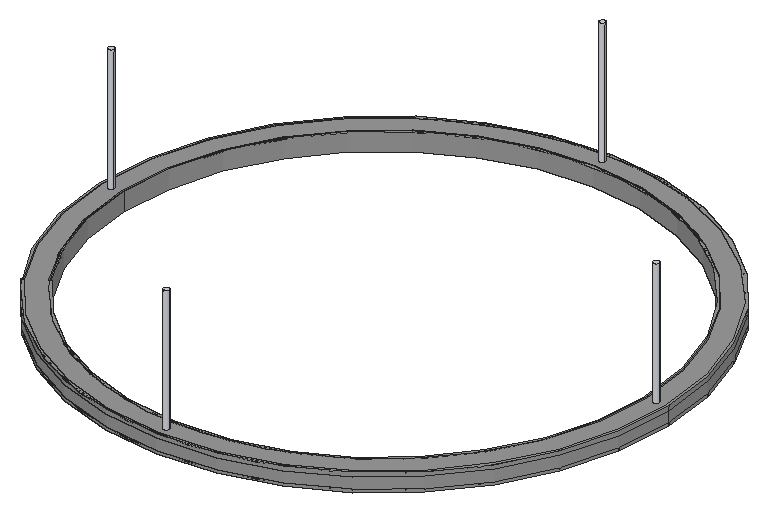
Revit family "MONALISA_1000MM_41_4000K", category Lighting Fixtures, host Ceiling, Revit 2021
Family settings
  Host = Ceiling
  Round Connector Dimension = Use Diameter
  Part Type = Normal
  OmniClass Number = 23.80.70.11
  OmniClass Title = Luminaries for Internal Lighting
  Always vertical = Yes
  Cut with Voids When Loaded = No
  Light Source = Yes
  Shared = No
  Room Calculation Point = No
Parameters (values of type "Type 1")
  Wattage = 37.6998 W
  built-in parameter 1150110 = 1 (stored number, unit not read)
  Type de lampe = "LED Samsung 2835 SMD"
  Type = "Suspension"
  built-in parameter 1114217 = 1 (stored number, unit not read)
  Tilt Angle = 90.00°
  built-in parameter 1150109 = 1 (stored number, unit not read)
  built-in parameter 1150134 = 12
  built-in parameter 1150113 = 1 (stored number, unit not read)
  SDCM = "<3"
  Puissance nominale = "70W"
  Photometric Web File = "google_eulumdat_converter (3).ies"
  Lumens = 5600 lm
  built-in parameter 1150115 = 1 (stored number, unit not read)
  built-in parameter 1150105 = 1897.3 (stored number, unit not read)
  built-in parameter 1150137 = (empty or 0)
  built-in parameter 1150139 = (empty or 0)
  built-in parameter 1150112 = 1 (stored number, unit not read)
  built-in parameter 1150114 = 1 (stored number, unit not read)
  built-in parameter 1150132 = 2
  built-in parameter 1150102 = (empty or 0)
  built-in parameter 1150138 = (empty or 0)
  built-in parameter 1150107 = 4000 (stored number, unit not read)
  built-in parameter 1150106 = 18.973 (stored number, unit not read)
  IRC = ">80"
  Fintion = "Gris aluminium  - Diffuseur acrylique"
  Emit from Circle Diameter = 609.6 mm
  Emit Shape Visible in Rendering = no
  built-in parameter 1150104 = 13.8 (stored number, unit not read)
  Durée de vie = "50 000 heures"
  Driver = "Driver Osram"
  Dimming Lamp Color Temperature Shift = <None>
  Dimensions = "ø 1000 mm, H : 32 mm"
  Default Elevation = 0 mm
  Color Filter = 16777215
  built-in parameter 1114218 = 1 (stored number, unit not read)
  built-in parameter 1150133 = 10 (stored number, unit not read)
  Angle d'éclairage = "120°"
  Alimentation luminaire = "1050mA x 2pcs / 30V"
  Alimentation Driver = "AC 220-240V"
Reference planes
  plane 1 "Light Source Axis (F/B)": y = 0
  plane 2: z = 0
  plane 3 "Light Source Axis (L/R)": x = 0
  plane 4 "Ceiling": z = 4000
  plane 5 "Light Source Elevation": z = 3762.902
Forms (mm)
  Extrusion 1, solid, material "Aluminum, Anodized grey"
    sketch origin (0, 0, 4000) x (0, 1, 0) y (-1, 0, 0)
      loop
        circle (0, 0) r 500
      loop
        circle (0, 0) r 458.333
      loop
        circle (0, 0) r 461.38
      loop
        circle (0, 0) r 496.344
    from -250 to -218
  Extrusion 2, solid, material "Aluminum, Anodized grey"
    sketch origin (0, 0, 4000) x (0, 1, 0) y (-1, 0, 0)
      loop
        circle (0, 0) r 500
      loop
        circle (0, 0) r 461.38
    from -225.222 to -218
  Extrusion 3, solid, material "Glass, White, High Luminance"
    sketch origin (0, 0, 3982.456) x (0, 1, 0) y (-1, 0, 0)
      loop
        circle (0, 0) r 500
      loop
        circle (0, 0) r 461.38
    from -232.456 to -227.456
  Extrusion 4, solid
    sketch origin (-0.407, 191.787, 4000) x (0, 1, 0) y (-1, 0, 0)
      loop
        circle (287.711, 0) r 5
    from -218 to 0
  Extrusion 5, solid
    sketch origin (-287.425, -286.139, 4000) x (0, 1, 0) y (-1, 0, 0)
      loop
        circle (286.382, 192.526) r 5
    from -218 to 0
  Extrusion 6, solid
    sketch origin (0.308, -766.373, 4000) x (0, 1, 0) y (-1, 0, 0)
      loop
        circle (287.711, 0) r 5
    from -218 to 0
  Extrusion 7, solid
    sketch origin (390.268, -287.705, 4000) x (0, 1, 0) y (-1, 0, 0)
      loop
        circle (287.394, -88.272) r 5
    from -218 to 0
Lines and regions (mm)
  reference lines
    curve 1: line (0, 0, 4000) -> (300, 0, 4000)
    curve 2: line (300, 0, 4000) -> (275, 0, 4000)
    curve 3: line (0, 0, 3750) -> (0, 0, 3782)
    curve 4: line (0, 0, 4000) -> (400, 0, 4000)
    curve 5: line (0, 0, 4000) -> (500, 0, 4000)
Dimensions and locks
  equal spacing: host sketch curve, plane 3 "Light Source Axis (L/R)", host sketch curve
  equal spacing: host sketch curve, plane 1 "Light Source Axis (F/B)", host sketch curve
  host sketch curve to host sketch curve = 4000 mm  (x2)
  plane 4 "Ceiling" to host ceiling = 0 mm
  aligned and locked: plane 1 "Light Source Axis (F/B)" to imposter light
  aligned and locked: plane 5 "Light Source Elevation" to imposter light
